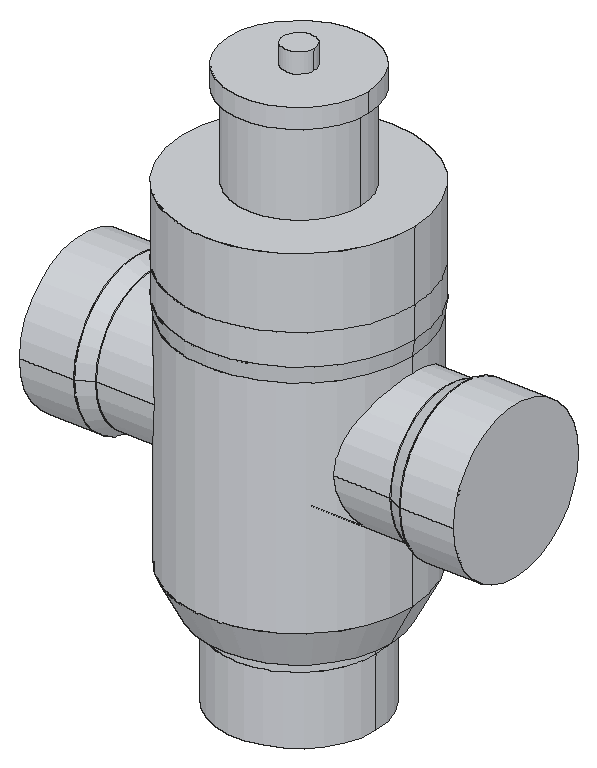
Revit family "VMX24P_DN20_PN16_RFA_2018", category Pipe Accessories, Revit 2018
Family settings
  Round Connector Dimension = Use Diameter
  Part Type = Valve - Breaks Into
  Work Plane-Based = No
  Always vertical = Yes
  Cut with Voids When Loaded = No
  Shared = No
Parameters (values of type "VMX24P G3/4  PN16 kvs4,0")
  magiProductId = ""
  magiProductFamilyId = ""
  magiPartTypeId = 320
  isMeasuringValve [instance] = no
  ang2D [instance] = 0.00°
  Z9 = 8.8 mm
  Z8 = 4 mm
  Z7__ve = -Z7  # -2.5 mm
  Z7 = 2.5 mm
  Z6 = 8.45 mm
  Z5 = 9.1 mm
  Z3 = 2 mm
  Z2 = 6.8 mm
  Z1 = 5.1 mm
  X4__ve = -X4  # -7 mm
  X4 = 7 mm
  X3 = 38 mm
  X1 = 5.6 mm
  W2D = 20 mm
  VersionID = ""
  Use Minimum Symbol Size [instance] = no
  URL = "www.hydronix.cz"
  Type Comments = "Závitový, vnější závit, ploché těsnění; LIN charakteristika; PN16; +5~+95°C; max.rychlost proudění 3,0 m/s"
  TL = 56 mm
  R9 = 9 mm
  R8 = 2 mm
  R7 = 15 mm
  R6 = 12 mm
  R5 = 11.29 mm
  R4 = 9.408 mm
  R3 = 10 mm
  R2 = 14.7 mm
  R10 = 8 mm
  R1 = 9 mm
  QmdConnectorList = "301;D;302;D;303;D"
  Productdata [instance] = ""
  Manufacturer = "Hydronix"
  MT = 1
  MC Product Code = "VMX24P (G3/4\";  dpmax A-AB=100kPa;  dpmax B-AB=40kPa;  kvs 4,0)"
  MC = yes
  LT2 = 21 mm
  L2D_Min = 30.48 mm
  L2D = 42 mm
  L = 42 mm
  H1 = 29 mm
  H = 26 mm
  E = 16 mm
  Description = "3 cestný regulační ventil malých spotřebičů, DN20; zdvih 2,5mm; max dp A-AB 100kPa; max dp B-AB 40kPa; kvs4,0"
  DT2 = 10 mm
  D = 20 mm
  CS = no
  CAT0 = yes
  CAT = no
  C = 34 mm
  Assembly Code = ""
Types (8, lengths in mm): name | Z9 | Z6 | Z5 | Z2 | Z1 | X3 | X1 | W2D | TL | R6 | R5 | R4 | R3 | R2 | R1 | MC Product Code | LT2 | L2D | L | H1 | H | Description | DT2 | D | C
  VMX09P G1/2  PN16 kvs0,25 | 7 | 8.775 | 9.45 | 5 | 3.75 | 34 | 5.2 | 15 | 52 | 9 | 10.214 | 8.512 | 7.5 | 13.3 | 6.75 | "VMX09P (G1/2\"; dpmax=250kPa; kvs 0,25)" | 19 | 38 | 38 | 23.8 | 27 | "3 cestný regulační ventil malých spotřebičů, DN15; zdvih 2,5mm; max dp 250kPa; kvs0,25" | 7.5 | 15 | 25
  VMX10P G1/2  PN16 kvs0,4 | 7 | 8.775 | 9.45 | 5 | 3.75 | 34 | 5.2 | 15 | 52 | 9 | 10.214 | 8.512 | 7.5 | 13.3 | 6.75 | "VMX10P (G1/2\"; dpmax=250kPa; kvs 0,4)" | 19 | 38 | 38 | 23.8 | 27 | "3 cestný regulační ventil malých spotřebičů, DN15; zdvih 2,5mm; max dp 250kPa; kvs0,4" | 7.5 | 15 | 25
  VMX11P G1/2  PN16 kvs0,6 | 7 | 8.775 | 9.45 | 5 | 3.75 | 34 | 5.2 | 15 | 52 | 9 | 10.214 | 8.512 | 7.5 | 13.3 | 6.75 | "VMX11P (G1/2\"; dpmax=250kPa; kvs 0,6)" | 19 | 38 | 38 | 23.8 | 27 | "3 cestný regulační ventil malých spotřebičů, DN15; zdvih 2,5mm; max dp 250kPa; kvs0,6" | 7.5 | 15 | 25
  VMX12P G1/2  PN16 kvs1,0 | 7 | 8.775 | 9.45 | 5 | 3.75 | 34 | 5.2 | 15 | 52 | 9 | 10.214 | 8.512 | 7.5 | 13.3 | 6.75 | "VMX12P (G1/2\"; dpmax=250kPa; kvs 1,0)" | 19 | 38 | 38 | 23.8 | 27 | "3 cestný regulační ventil malých spotřebičů, DN15; zdvih 2,5mm; max dp 250kPa; kvs1,0" | 7.5 | 15 | 25
  VMX13P G1/2  PN16 kvs1,6 | 7 | 8.775 | 9.45 | 5 | 3.75 | 34 | 5.2 | 15 | 52 | 9 | 10.214 | 8.512 | 7.5 | 13.3 | 6.75 | "VMX13P (G1/2\"; dpmax=250kPa; kvs 1,6)" | 19 | 38 | 38 | 23.8 | 27 | "3 cestný regulační ventil malých spotřebičů, DN15; zdvih 2,5mm; max dp 250kPa; kvs1,6" | 7.5 | 15 | 25
  VMX21P G3/4  PN16 kvs2,5 | 8.8 | 8.45 | 9.1 | 6.8 | 5.1 | 38 | 5.6 | 20 | 56 | 12 | 11.29 | 9.408 | 10 | 14.7 | 9 | "VMX21P (G3/4\"; dpmax=150kPa; kvs 2,5)" | 21 | 42 | 42 | 29 | 26 | "3 cestný regulační ventil malých spotřebičů, DN20; zdvih 2,5mm; max dp 150kPa; kvs2,5" | 10 | 20 | 34
  VMX24P G3/4  PN16 kvs4,0 | 8.8 | 8.45 | 9.1 | 6.8 | 5.1 | 38 | 5.6 | 20 | 56 | 12 | 11.29 | 9.408 | 10 | 14.7 | 9 | "VMX24P (G3/4\";  dpmax A-AB=100kPa;  dpmax B-AB=40kPa;  kvs 4,0)" | 21 | 42 | 42 | 29 | 26 | "3 cestný regulační ventil malých spotřebičů, DN20; zdvih 2,5mm; max dp A-AB 100kPa; max dp B-AB 40kPa; kvs4,0" | 10 | 20 | 34
  VMX26P G3/4  PN16 kvs6,0 | 8.8 | 8.45 | 9.1 | 6.8 | 5.1 | 38 | 5.6 | 20 | 56 | 12 | 11.29 | 9.408 | 10 | 14.7 | 9 | "VMX26P (G3/4\";  dpmax A-AB=100kPa;  dpmax B-AB=40kPa;  kvs 6,0)" | 21 | 42 | 42 | 29 | 26 | "3 cestný regulační ventil malých spotřebičů, DN20; zdvih 2,5mm; max dp A-AB 100kPa; max dp B-AB 40kPa; kvs6,0" | 10 | 20 | 34
Reference planes
  plane 1 "Center (Front/Back)": y = 0
  plane 2 "XYPLANE": z = 0
  plane 3 "Center (Left/Right)": x = 0
  plane 4 "271": z = 37
  plane 5 "254": z = 10.9
  plane 6 "253": z = 16.9
  plane 7 "148": z = 39.5
  plane 8 "132": z = 42
  plane 9 "62": z = 12.9
  plane 10 "53": z = 26
  plane 11 "52": z = -18.1
  plane 12 "48": z = -23.2
  plane 13 "47": z = -25.2
  plane 14 "38": z = -32
  plane 15 "37": x = 19
  plane 16 "36": x = 21
  plane 17 "23": z = -34
  plane 18 "19": x = -19
  plane 19 "15": x = -21
  plane 20 "6": x = 28
  plane 21 "5": x = -28
  plane 22 "3": z = 0
  plane 23 "2": y = 0
  plane 24 "1": x = 0
Forms (mm)
  Extrusion 1, solid
    sketch origin (-750, 0, -34) x (1, 0, 0) y (0, 1, 0)
      loop
        circle (750, 0) r 10
    from 0 to 8.8 <- "Z9"
  Extrusion 2, solid, visible <- "CAT0"
    sketch origin (-750, 0, 42) x (1, 0, 0) y (0, 1, 0)
      loop
        circle (750, 0) r 2
    from 0 to -2.5 <- "Z7__ve"
  Extrusion 3, solid, visible <- "CAT0"
    sketch origin (-750, 0, 37) x (1, 0, 0) y (0, 1, 0)
      loop
        circle (750, 0) r 8
    from 0 to -19
  Extrusion 4, solid, visible <- "CAT0"
    sketch origin (-19, -750, 0) x (0, 1, 0) y (0, 0, 1)
      loop
        circle (750, 0) r 9
    from 0 to 38 <- "X3"
  Extrusion 5, solid
    sketch origin (-750, 0, 12.9) x (1, 0, 0) y (0, 1, 0)
      loop
        circle (750, 0) r 15
    from 0 to 4 <- "Z8"
  Extrusion 6, solid
    sketch origin (-750, 0, 39.5) x (1, 0, 0) y (0, 1, 0)
      loop
        circle (750, 0) r 9
    from 0 to -2.5 <- "Z7__ve"
  Extrusion 7, solid
    sketch origin (-750, 0, 16.9) x (1, 0, 0) y (0, 1, 0)
      loop
        circle (750, 0) r 15
    from 0 to 9.1 <- "Z5"
  Blend 8, solid
    base sketch origin (-750, 0, 10.9) x (1, 0, 0) y (0, 1, 0)
      loop
        circle (750, 0) r 14.7
    top sketch origin (-750, 0, 10.9) x (1, 0, 0) y (0, 1, 0)
      loop
        circle (750, 0) r 15
    from 0 to 2
  Blend 9, solid
    base sketch origin (-750, 0, -18.1) x (1, 0, 0) y (0, 1, 0)
      loop
        circle (750, 0) r 14.7
    top sketch origin (-750, 0, -18.1) x (1, 0, 0) y (0, 1, 0)
      loop
        circle (750, 0) r 12
    from 0 to -5.1
  Extrusion 10, solid
    sketch origin (-750, 0, -25.2) x (1, 0, 0) y (0, 1, 0)
      loop
        circle (750, 0) r 10
    from 0 to 2 <- "Z3"
  Extrusion 11, solid
    sketch origin (28, -750, 0) x (0, 1, 0) y (0, 0, 1)
      loop
        circle (750, 0) r 10
    from 0 to -7 <- "X4__ve"
  Blend 12, solid
    base sketch origin (21, -750, 0) x (0, 1, 0) y (0, 0, 1)
      loop
        circle (750, 0) r 10
    top sketch origin (21, -750, 0) x (0, 1, 0) y (0, 0, 1)
      loop
        circle (750, 0) r 9
    from 0 to -2
  Extrusion 13, solid
    sketch origin (-750, 0, -18.1) x (1, 0, 0) y (0, 1, 0)
      loop
        circle (750, 0) r 14.7
    from 0 to 29 <- "H1"
  Blend 14, solid
    base sketch origin (-21, -750, 0) x (0, 1, 0) y (0, 0, 1)
      loop
        circle (750, 0) r 10
    top sketch origin (-21, -750, 0) x (0, 1, 0) y (0, 0, 1)
      loop
        circle (750, 0) r 9
    from 0 to 2
  Extrusion 15, solid
    sketch origin (-28, -750, 0) x (0, 1, 0) y (0, 0, 1)
      loop
        circle (750, 0) r 10
    from 0 to 7 <- "X4"
  Extrusion 16, solid, not visible
    sketch origin (-750, 0, -25.2) x (1, 0, 0) y (0, 1, 0)
      loop
        circle (750, 0) r 10
    from 0 to 10
  Extrusion 17, solid, not visible
    sketch origin (21, -750, 0) x (0, 1, 0) y (0, 0, 1)
      loop
        circle (750, 0) r 10
    from 0 to -10
  Extrusion 18, solid, not visible
    sketch origin (-21, -750, 0) x (0, 1, 0) y (0, 0, 1)
      loop
        circle (750, 0) r 10
    from 0 to 10
Lines and regions (mm)
  reference lines, not visible
    curve 1: circle (2, 2, 0) r 1 normal (0, 0, 1)
Dimensions and locks
  plane 1 "Center (Front/Back)" to curve 1 = 2 mm
  "Z7": plane 7 "148" to plane 4 "271"
  "Z3": plane 9 "62" to plane 5 "254"
  "Z5": plane 10 "53" to plane 6 "253"
  "Z7": plane 8 "132" to plane 7 "148"
  "E": plane 10 "53" to plane 8 "132"
  "Z8": plane 6 "253" to plane 9 "62"
  "H": plane 2 "XYPLANE" to plane 10 "53"
  "Z1": plane 12 "48" to plane 11 "52"
  "Z3": plane 13 "47" to plane 12 "48"
  "Z2": plane 14 "38" to plane 13 "47"
  "Z3": plane 17 "23" to plane 14 "38"
  locked: plane 16 "36" to plane 15 "37" at 2
  "LT2": plane 3 "Center (Left/Right)" to plane 16 "36"
  "C": plane 2 "XYPLANE" to plane 17 "23"
  locked: plane 19 "15" to plane 18 "19" at 2
  "LT2": plane 3 "Center (Left/Right)" to plane 19 "15"
  "X4": plane 16 "36" to plane 20 "6"
  "X4": plane 19 "15" to plane 21 "5"
  locked: plane 2 "XYPLANE" to plane 22 "3"
  locked: plane 1 "Center (Front/Back)" to plane 23 "2"
  locked: plane 3 "Center (Left/Right)" to plane 24 "1"
  "DT2": radius of Extrusion 1 sketch curve
  "R8": radius of Extrusion 2 sketch curve
  "R10": radius of Extrusion 3 sketch curve
  "R1": radius of Extrusion 4 sketch curve
  "R7": radius of Extrusion 5 sketch curve
  "R9": radius of Extrusion 6 sketch curve
  "R7": radius of Extrusion 7 sketch curve
  "R7": radius of Blend 8 sketch curve
  "R2": radius of Blend 8 sketch curve
  "R6": radius of Blend 9 sketch curve
  "R2": radius of Blend 9 sketch curve
  "DT2": radius of Extrusion 10 sketch curve
  "DT2": radius of Extrusion 11 sketch curve
  "R1": radius of Blend 12 sketch curve
  "DT2": radius of Blend 12 sketch curve
  "R2": radius of Extrusion 13 sketch curve
  "R1": radius of Blend 14 sketch curve
  "DT2": radius of Blend 14 sketch curve
  "DT2": radius of Extrusion 15 sketch curve
  aligned and locked: level to plane 2 "XYPLANE"
  aligned and locked: plane 23 "2" to Extrusion 1 sketch curve
  aligned and locked: plane 24 "1" to Extrusion 1 sketch curve
  aligned and locked: plane 23 "2" to Extrusion 2 sketch curve
  aligned and locked: plane 24 "1" to Extrusion 2 sketch curve
  aligned and locked: plane 23 "2" to Extrusion 3 sketch curve
  aligned and locked: plane 24 "1" to Extrusion 3 sketch curve
  aligned and locked: plane 22 "3" to Extrusion 4 sketch curve
  aligned and locked: Extrusion 4 sketch curve to plane 23 "2"
  aligned and locked: plane 23 "2" to Extrusion 5 sketch curve
  aligned and locked: plane 24 "1" to Extrusion 5 sketch curve
  aligned and locked: plane 23 "2" to Extrusion 6 sketch curve
  aligned and locked: plane 24 "1" to Extrusion 6 sketch curve
  aligned and locked: plane 23 "2" to Extrusion 7 sketch curve
  aligned and locked: plane 24 "1" to Extrusion 7 sketch curve
  aligned and locked: plane 23 "2" to Blend 8 sketch curve  (x2)
  aligned and locked: plane 24 "1" to Blend 8 sketch curve  (x2)
  aligned and locked: plane 9 "62" to Blend 8
  aligned and locked: plane 23 "2" to Blend 9 sketch curve  (x2)
  aligned and locked: plane 24 "1" to Blend 9 sketch curve  (x2)
  aligned and locked: Blend 9 to plane 12 "48"
  aligned and locked: plane 23 "2" to Extrusion 10 sketch curve
  aligned and locked: plane 24 "1" to Extrusion 10 sketch curve
  aligned and locked: plane 22 "3" to Extrusion 11 sketch curve
  aligned and locked: Extrusion 11 sketch curve to plane 23 "2"
  aligned and locked: plane 22 "3" to Blend 12 sketch curve  (x2)
  aligned and locked: Blend 12 sketch curve to plane 23 "2"  (x2)
  aligned and locked: Blend 12 to plane 15 "37"
  aligned and locked: plane 23 "2" to Extrusion 13 sketch curve
  aligned and locked: plane 24 "1" to Extrusion 13 sketch curve
  aligned and locked: plane 22 "3" to Blend 14 sketch curve  (x2)
  aligned and locked: Blend 14 sketch curve to plane 23 "2"  (x2)
  aligned and locked: plane 18 "19" to Blend 14
  aligned and locked: plane 22 "3" to Extrusion 15 sketch curve
  aligned and locked: Extrusion 15 sketch curve to plane 23 "2"
  aligned and locked: plane 23 "2" to Extrusion 16 sketch curve
  aligned and locked: plane 24 "1" to Extrusion 16 sketch curve
  aligned and locked: plane 22 "3" to Extrusion 17 sketch curve
  aligned and locked: Extrusion 17 sketch curve to plane 23 "2"
  aligned and locked: plane 22 "3" to Extrusion 18 sketch curve
  aligned and locked: Extrusion 18 sketch curve to plane 23 "2"
Automatic sketch dimensions
  plane 1 "Center (Front/Back)" to Extrusion 16 sketch curve = 10 mm
  plane 1 "Center (Front/Back)" to Extrusion 17 sketch curve = 10 mm
  plane 1 "Center (Front/Back)" to Extrusion 18 sketch curve = 10 mm
  plane 3 "Center (Left/Right)" to curve 1 = 2 mm
  radius of curve 1 = 1 mm
Connectors
  piping at (-21, 0, 0), diameter 20, driven by "D"
    settings: on Extrusion 18, index 1, connector inside diameter 609.6 mm, connector length 0 mm, flow factor 0, pipe flow 0.0 L/s, pressure drop 0.0 Pa, fitting loss kfactor 0, connector angle 0.00°, fixture units 0, engagement length 0 mm, angle of deflection 0.00°, flow configuration 0, flow direction 0, fitting loss method 0, system type 29, joint type 0, gender type 0, connector reference index -1, connector utility 0, adjustable connector yes, is connector primary yes, connector description ""
  piping at (21, 0, 0), diameter 20, driven by "D"
    settings: on Extrusion 17, index 2, connector inside diameter 609.6 mm, connector length 0 mm, flow factor 0, pipe flow 0.0 L/s, pressure drop 0.0 Pa, fitting loss kfactor 0, connector angle 0.00°, fixture units 0, engagement length 0 mm, angle of deflection 0.00°, flow configuration 0, flow direction 0, fitting loss method 0, system type 29, joint type 0, gender type 0, connector reference index -1, connector utility 0, adjustable connector yes, is connector primary no, connector description ""
  piping at (0, 0, -25.2), diameter 20, driven by "D"
    settings: on Extrusion 16, index 3, connector inside diameter 609.6 mm, connector length 0 mm, flow factor 0, pipe flow 0.0 L/s, pressure drop 0.0 Pa, fitting loss kfactor 0, connector angle 0.00°, fixture units 0, engagement length 0 mm, angle of deflection 0.00°, flow configuration 0, flow direction 0, fitting loss method 0, system type 29, joint type 0, gender type 0, connector reference index -1, connector utility 0, adjustable connector yes, is connector primary no, connector description ""
